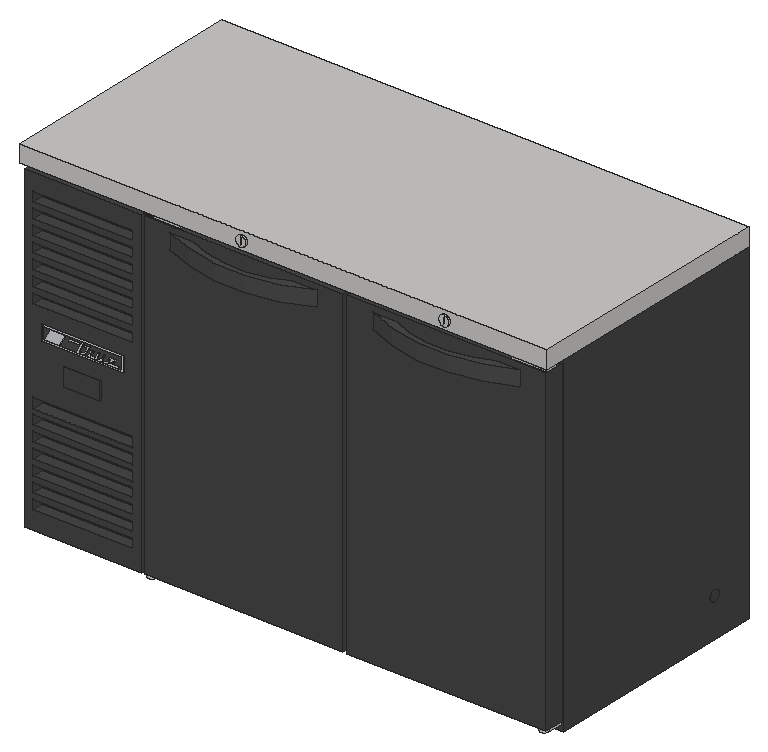
Revit family "QF_TRUE_TBR52-RISZ1-L-B-SS-1", category Specialty Equipment, Revit 2016
Family settings
  Part Type = Normal
  Round Connector Dimension = Use Diameter
  Work Plane-Based = No
  Always vertical = Yes
  Cut with Voids When Loaded = No
  Shared = No
  Room Calculation Point = No
Parameters (values of type "QF_TRUE_TBR52-RISZ1-L-B-SS-1")
  Weight in Pounds = 405
  Watts = if(Phase = 3, Volts * FL Amps * 1.73, Volts * FL Amps)  # 207 W
  Waste Water Discharge Temperature = 0 °F
  Volts = 115 V
  URL Cutsheet = ""
  Specification by User = ""
  Specification by Manufacturer = ""
  Show Logo [instance] = yes
  Show Leg Levelers [instance] = no
  Show Standard Unit [instance] = yes
  Show Seismic Flange [instance] = no
  Show 6 Inches Legs [instance] = no
  Show Clearance [instance] = no
  Show 1 Inch Rollers [instance] = no
  Show 5 Inches Castors [instance] = no
  Show 4 Inches Castors [instance] = no
  Show 3 Inches Castors [instance] = no
  Show 2 Inches Castors [instance] = no
  Serial Number = ""
  Seismic Rating = ""
  SMACNA No = ""
  Revision Code = ""
  Plumbing Remarks = ""
  Plumbing Connection Type = ""
  Phase = 1
  Number of Poles = 1
  NAFEM Spec ID Number = ""
  Model = "TBR52-RISZ1-L-B-SS-1"
  Min Ckt Ampacity = 0 A
  Max Overcurrent Protection = 0 A
  Masterspec = ""
  Manufacturer = "TRUE"
  Length = 52"
  Item Number = ""
  Installed By = ""
  Indirect Waste Size = 1"
  Indirect Waste Flow = 0 GPM
  Indirect Waste Connection Type = ""
  Indirect Waste Connection Height = 0"
  Identify Quantity as Lot = yes
  Height [instance] = if(Show Standard Unit, 34 11/16", if(Show Leg Levelers, 34 15/16", if(Show 1 Inch Rollers, 35 9/16", if(Show 2 Inches Castors, 37 9/16", if(Show 3 Inches Castors, 38 9/16", if(Show 4 Inches Castors, 39 3/4", if(Show 5 Inches Castors, 40 3/4", if(Show 6 Inches Legs, 40 11/16", if(Show Seismic Flange, 40 11/16", 34 11/16")))))))))  # 34 11/16"
  HP = "1/5"
  Furnished By = ""
  Foodservice Equipment Identifier = yes
  FL Amps = 1.8 A
  Electrical Remarks = ""
  Electric Connection Type = ""
  Elec Conn RI Height = 0"
  Elec Conn Connection Height = 0"
  Description = "REACH-IN SINGLE ZONE REFRIGERATOR WITH LEFT SIDE REFRIGERATION SYSTEM. BLACK EXTERIOR AND SOLID SWING DOORS"
  Depth = 26 3/8"
  Cycle = 60 Hz
  Conn Plug = "NEMA 5-15P"
  Conn Conduit = yes
  Cold Water Temperature Recommended = 0 °F
  Cold Water Size = 2 1/4"
  Cold Water RI Height = 0"
  Cold Water Minimum Pressure = 0.00 psi
  Cold Water Maximum Pressure = 0.00 psi
  Cold Water Flow = 0 GPM
  Cold Water Consumption = ""
  Cold Water Connection Height = 0"
  CSI MasterFormat = ""
  Apparent Power = if(Phase = 3, Volts * FL Amps * 1.73, Volts * FL Amps)  # 207 VA
Reference planes (in)
  plane 1 "BACK": y = 0
  plane 2: z = 0
  plane 3 "LEFT": x = 0
  plane 4 "RIGHT": x = 52
  plane 5 "FRONT": y = -26.375
  plane 6 "TOP": z = 0
  plane 7 "Center Y": x = 26
  plane 8 "Center X": y = -13.1875
  plane 9: y = -24.84375
  plane 10: y = -24.65625
  plane 11: y = -43.59375
  plane 12: z = 34.6875
Dimensions and locks (in)
  equal spacing: plane 3 "LEFT", plane 7 "Center Y", plane 4 "RIGHT"
  "Length": plane 3 "LEFT" to plane 4 "RIGHT"
  equal spacing: plane 5 "FRONT", plane 8 "Center X", plane 1 "BACK"
  "Depth": plane 5 "FRONT" to plane 1 "BACK"
  locked: plane 12 to plane 6 "TOP" at 34.6875
  plane 3 "LEFT" to plane 4 "RIGHT" = 52"
  plane 5 "FRONT" to plane 1 "BACK" = 26 3/8"
  plane 9 to plane 1 "BACK" = 24 27/32"
  plane 10 to plane 1 "BACK" = 24 21/32"
  plane 11 to plane 1 "BACK" = 43 19/32"
  "Height": plane 12 to level
  aligned and locked: level to plane 2
  aligned and locked: nested 5 to plane 6 "TOP"
Nested families (in)
  nested 1: "CASTORS & LEGS" at (4, -20.61228, 0), Show 2 Inches Castors <- "Show 2 Inches Castors", Show 3 Inches Castors <- "Show 3 Inches Castors", Show 4 Inches Castors <- "Show 4 Inches Castors", Show 5 Inches Castors <- "Show 5 Inches Castors", Show Legs <- "Show 6 Inches Legs", Show Legs with Flandge <- "Show Seismic Flange", Show 1 Inch Rollers <- "Show 1 Inch Rollers", Show Leg Levelers <- "Show Leg Levelers", type "CASTORS & LEGS"
    with Type Mark "", Status "", Specification by User "", Show Legs with Flandge no, Show Legs no, Show Leg Levelers no, Show 5 Inches Castors no, Show 4 Inches Castors no, Show 3 Inches Castors no, Show 2 Inches Castors no, Show 1 Inch Rollers no, Revision Code "", Item Number "", Installed By "", Identify Quantity as Lot yes, Furnished By "", Foodservice Equipment Identifier yes
  nested 2: "CASTORS & LEGS" at (48, -20.61228, 0), Show 2 Inches Castors <- "Show 2 Inches Castors", Show 3 Inches Castors <- "Show 3 Inches Castors", Show 4 Inches Castors <- "Show 4 Inches Castors", Show 5 Inches Castors <- "Show 5 Inches Castors", Show Legs <- "Show 6 Inches Legs", Show Legs with Flandge <- "Show Seismic Flange", Show 1 Inch Rollers <- "Show 1 Inch Rollers", Show Leg Levelers <- "Show Leg Levelers", type "CASTORS & LEGS"
    with Type Mark "", Status "", Specification by User "", Show Legs with Flandge no, Show Legs no, Show Leg Levelers no, Show 5 Inches Castors no, Show 4 Inches Castors no, Show 3 Inches Castors no, Show 2 Inches Castors no, Show 1 Inch Rollers no, Revision Code "", Item Number "", Installed By "", Identify Quantity as Lot yes, Furnished By "", Foodservice Equipment Identifier yes
  nested 3: "CASTORS & LEGS" at (4, -3.48728, 0), Show 2 Inches Castors <- "Show 2 Inches Castors", Show 3 Inches Castors <- "Show 3 Inches Castors", Show 4 Inches Castors <- "Show 4 Inches Castors", Show 5 Inches Castors <- "Show 5 Inches Castors", Show Legs <- "Show 6 Inches Legs", Show Legs with Flandge <- "Show Seismic Flange", Show 1 Inch Rollers <- "Show 1 Inch Rollers", Show Leg Levelers <- "Show Leg Levelers", type "CASTORS & LEGS"
    with Type Mark "", Status "", Specification by User "", Show Legs with Flandge no, Show Legs no, Show Leg Levelers no, Show 5 Inches Castors no, Show 4 Inches Castors no, Show 3 Inches Castors no, Show 2 Inches Castors no, Show 1 Inch Rollers no, Revision Code "", Item Number "", Installed By "", Identify Quantity as Lot yes, Furnished By "", Foodservice Equipment Identifier yes
  nested 4: "CASTORS & LEGS" at (48, -3.48728, 0), Show 2 Inches Castors <- "Show 2 Inches Castors", Show 3 Inches Castors <- "Show 3 Inches Castors", Show 4 Inches Castors <- "Show 4 Inches Castors", Show 5 Inches Castors <- "Show 5 Inches Castors", Show Legs <- "Show 6 Inches Legs", Show Legs with Flandge <- "Show Seismic Flange", Show 1 Inch Rollers <- "Show 1 Inch Rollers", Show Leg Levelers <- "Show Leg Levelers", type "CASTORS & LEGS"
    with Type Mark "", Status "", Specification by User "", Show Legs with Flandge no, Show Legs no, Show Leg Levelers no, Show 5 Inches Castors no, Show 4 Inches Castors no, Show 3 Inches Castors no, Show 2 Inches Castors no, Show 1 Inch Rollers no, Revision Code "", Item Number "", Installed By "", Identify Quantity as Lot yes, Furnished By "", Foodservice Equipment Identifier yes
  nested 5: "TBR52-RISZ1-L-B-SS-1" at (0, 0, 0), Show Clearance <- "Show Clearance", Show Logo <- "Show Logo", type "TBR52-RISZ1-L-B-SS-1"
    with Show Logo yes, Show Clearance no
Connectors (in)
  piping at (52.125, -4.3125, 3.96875), diameter 1
    settings: on nested 5, index 1, connector inside diameter 24", connector length 0", flow factor 0, pipe flow 0 GPM, pressure drop 0.00 psi, fitting loss kfactor 0, connector angle 0.00°, fixture units 0, engagement length 0", angle of deflection 0.00°, flow configuration 1, flow direction 1, fitting loss method 0, system type 22, joint type 0, gender type 0, connector reference index -1, connector utility 0, adjustable connector no, is connector primary yes, connector description "CONDENSATE"
  electrical at (6, 0.25, 18.5), driven by "Volts", driven by "Watts"
    settings: on nested 5, index 2, voltage 115 V, apparent load 207 VA, apparent load phase1 0 VA, apparent load phase2 0 VA, apparent load phase3 0 VA, power factor 1, load classification "Other", number of poles 1, system type 30, power factor state 1, is connector primary yes, connector utility no, sub classification motor no, connector description "ELECTRICAL CONNECTION"
  piping at (44.25, -4.34375, 0.48808), diameter 1, driven by "Indirect Waste Size"
    settings: on nested 5, index 3, connector inside diameter 24", connector length 0", flow factor 0, pipe flow 0 GPM, pressure drop 0.00 psi, fitting loss kfactor 0, connector angle 0.00°, fixture units 0, engagement length 0", angle of deflection 0.00°, flow configuration 1, flow direction 2, fitting loss method 0, system type 16, joint type 0, gender type 0, connector reference index -1, connector utility 0, adjustable connector no, is connector primary no, connector description "DRAIN"
  piping at (16.75, -4.96875, 0.48808), diameter 2.25
    settings: on nested 5, index 4, connector inside diameter 24", connector length 0", flow factor 0, pipe flow 0 GPM, pressure drop 0.00 psi, fitting loss kfactor 0, connector angle 0.00°, fixture units 0, engagement length 0", angle of deflection 0.00°, flow configuration 1, flow direction 2, fitting loss method 0, system type 16, joint type 0, gender type 0, connector reference index -1, connector utility 0, adjustable connector no, is connector primary no, connector description "FLOOR ACCESS"
Definition of nested family "TBR52-RISZ1-L-B-SS-1"
  Parameters (values of type "TBR52-RISZ1-L-B-SS-1")
    Weight in Pounds = 405
    Watts = if(Phase = 3, Volts * FL Amps * 1.73, Volts * FL Amps)  # 207 W
    Waste Water Discharge Temperature = 0 °F
    Volts = 115 V
    URL Cutsheet = ""
    Specification by User = ""
    Specification by Manufacturer = ""
    Show Logo [instance] = yes
    Show Clearance [instance] = yes
    Serial Number = ""
    Seismic Rating = ""
    SMACNA No = ""
    Revision Code = ""
    Plumbing Remarks = ""
    Plumbing Connection Type = ""
    Phase = 1
    Number of Poles = 1
    NAFEM Spec ID Number = ""
    Model = "TBR52-RISZ1-L-B-SS-1"
    Min Ckt Ampacity = 0 A
    Max Overcurrent Protection = 0 A
    Masterspec = ""
    Manufacturer = "TRUE"
    Length = 52"
    Item Number = ""
    Installed By = ""
    Indirect Waste Size = 1"
    Indirect Waste Flow = 0 GPM
    Indirect Waste Connection Type = ""
    Indirect Waste Connection Height = 0"
    Identify Quantity as Lot = yes
    Height = 34 11/16"
    HP = "1/5"
    Furnished By = ""
    Foodservice Equipment Identifier = yes
    FL Amps = 1.8 A
    Electrical Remarks = ""
    Electric Connection Type = ""
    Elec Conn RI Height = 0"
    Elec Conn Connection Height = 0"
    Description = "REACH-IN SINGLE ZONE REFRIGERATOR WITH LEFT SIDE REFRIGERATION SYSTEM. BLACK EXTERIOR AND SOLID SWING DOORS"
    Depth = 26 3/8"
    Cycle = 60 Hz
    Conn Plug = "NEMA 5-15P"
    Conn Conduit = yes
    Cold Water Temperature Recommended = 0 °F
    Cold Water Size = 2 1/4"
    Cold Water RI Height = 0"
    Cold Water Minimum Pressure = 0.00 psi
    Cold Water Maximum Pressure = 0.00 psi
    Cold Water Flow = 0 GPM
    Cold Water Consumption = ""
    Cold Water Connection Height = 0"
    CSI MasterFormat = ""
    Apparent Power = if(Phase = 3, Volts * FL Amps * 1.73, Volts * FL Amps)  # 207 VA
  Reference planes (in)
    plane 1 "BACK": y = 0
    plane 2: z = 0
    plane 3 "LEFT": x = 0
    plane 4 "RIGHT": x = 52
    plane 5 "FRONT": y = -26.375
    plane 6 "TOP": z = 34.6875
    plane 7 "Center Y": x = 26
    plane 8 "Center X": y = -13.1875
    plane 9: y = -24.84375
    plane 10: y = -24.65625
    plane 11: y = -43.59375
  Forms (in)
    Extrusion 1, solid
      sketch origin (0, 0, 0) x (0, 1, 0) y (0, 0, 1)
        loop
          line (-24.84375, 34.6875) -> (-24.84375, 32.9375) -> (0, 32.9375) -> (0, 34.6875) -> (-24.84375, 34.6875)
      from 0 to 52
    Extrusion 2, solid
      sketch origin (0, 0, 0) x (1, 0, 0) y (0, 0, 1)
        loop
          line (0, 32.9375) -> (0, 0) -> (52, 0) -> (52, 32.9375) -> (0, 32.9375)
        loop
          line (12.09375, 32.46875) -> (12.09375, 0.78125) -> (51.75, 0.78125) -> (51.75, 32.46875) -> (12.09375, 32.46875)
      from 0 to 22.75
    Extrusion 3, solid
      sketch origin (0, 0, 0) x (-1, 0, 0) y (0, 0, 1)
        loop
          line (-12.09375, 32.46875) -> (-51.75, 32.46875) -> (-51.75, 0.78125) -> (-12.09375, 0.78125) -> (-12.09375, 32.46875)
      from 0 to -2
    Extrusion 4, solid
      sketch origin (0, -22.75, 0) x (1, 0, 0) y (0, 0, 1)
        loop
          line (0.25, 0.78125) -> (11.84375, 0.78125) -> (11.84375, 32.46875) -> (0.25, 32.46875) -> (0.25, 0.78125)
        loop
          line (1.125, 30.81709) -> (1.125, 29.81709) -> (10.96875, 29.81709) -> (10.96875, 30.81709) -> (1.125, 30.81709)
        loop
          line (1.125, 29.31709) -> (1.125, 28.31709) -> (10.96875, 28.31709) -> (10.96875, 29.31709) -> (1.125, 29.31709)
        loop
          line (1.125, 27.81709) -> (1.125, 26.81709) -> (10.96875, 26.81709) -> (10.96875, 27.81709) -> (1.125, 27.81709)
        loop
          line (1.125, 26.31709) -> (1.125, 25.31709) -> (10.96875, 25.31709) -> (10.96875, 26.31709) -> (1.125, 26.31709)
        loop
          line (1.125, 24.81709) -> (1.125, 23.81709) -> (10.96875, 23.81709) -> (10.96875, 24.81709) -> (1.125, 24.81709)
        loop
          line (1.125, 21.81709) -> (1.125, 20.81709) -> (10.96875, 20.81709) -> (10.96875, 21.81709) -> (1.125, 21.81709)
        loop
          line (1.125, 23.31709) -> (1.125, 22.31709) -> (10.96875, 22.31709) -> (10.96875, 23.31709) -> (1.125, 23.31709)
        loop
          line (1.125, 12.56709) -> (1.125, 11.56709) -> (10.96875, 11.56709) -> (10.96875, 12.56709) -> (1.125, 12.56709)
        loop
          line (1.125, 11.06709) -> (1.125, 10.06709) -> (10.96875, 10.06709) -> (10.96875, 11.06709) -> (1.125, 11.06709)
        loop
          line (1.125, 9.56709) -> (1.125, 8.56709) -> (10.96875, 8.56709) -> (10.96875, 9.56709) -> (1.125, 9.56709)
        loop
          line (1.125, 8.06709) -> (1.125, 7.06709) -> (10.96875, 7.06709) -> (10.96875, 8.06709) -> (1.125, 8.06709)
        loop
          line (1.125, 6.56709) -> (1.125, 5.56709) -> (10.96875, 5.56709) -> (10.96875, 6.56709) -> (1.125, 6.56709)
        loop
          line (1.125, 3.56709) -> (1.125, 2.56709) -> (10.96875, 2.56709) -> (10.96875, 3.56709) -> (1.125, 3.56709)
        loop
          line (1.125, 5.06709) -> (1.125, 4.06709) -> (10.96875, 4.06709) -> (10.96875, 5.06709) -> (1.125, 5.06709)
      from 0.125 to 1.90625
    Extrusion 5, solid
      sketch origin (0, -22.75, 0) x (1, 0, 0) y (0, 0, 1)
        loop
          line (12.09375, 0.78125) -> (31.71875, 0.78125) -> (31.71875, 32.46875) -> (12.09375, 32.46875) -> (12.09375, 0.78125)
        loop
          line (51.75, 0.78125) -> (51.75, 32.46875) -> (32.125, 32.46875) -> (32.125, 0.78125) -> (51.75, 0.78125)
      from 0 to 1.90625
    Extrusion 6, solid
      sketch origin (0.04324, -24.65625, 0) x (1, 0, 0) y (0, 0, 1)
        loop
          line (4.20676, 16.37472) -> (4.20676, 14.62472) -> (7.80051, 14.62472) -> (7.80051, 16.37472) -> (4.20676, 16.37472)
      from 0 to 0.125
    Extrusion 7, solid
      sketch origin (6, -24.84375, 34.4375) x (0, 0, 1) y (-1, 0, 0)
        loop
          circle (-0.65572, -15.90625) r 0.5
        loop
          line (-0.32569, -15.84362) -> (-0.96744, -15.84362) -> (-0.96744, -15.98332) -> (-0.32569, -15.98332) -> (-0.32569, -15.84362)
        loop
          circle (-0.65572, -35.9375) r 0.5
        loop
          line (-0.32569, -35.87487) -> (-0.96744, -35.87487) -> (-0.96744, -36.01457) -> (-0.32569, -36.01457) -> (-0.32569, -35.87487)
      from 0 to 0.125
    Extrusion 8, solid
      sketch origin (0, -22.75, 0) x (1, 0, 0) y (0, 0, 1)
        loop
          line (1.28286, 30.81709) -> (1.28286, 29.81709) -> (11.12661, 29.81709) -> (11.12661, 30.81709) -> (1.28286, 30.81709)
        loop
          line (1.28286, 29.31709) -> (1.28286, 28.31709) -> (11.12661, 28.31709) -> (11.12661, 29.31709) -> (1.28286, 29.31709)
        loop
          line (1.28286, 27.81709) -> (1.28286, 26.81709) -> (11.12661, 26.81709) -> (11.12661, 27.81709) -> (1.28286, 27.81709)
        loop
          line (1.28286, 26.31709) -> (1.28286, 25.31709) -> (11.12661, 25.31709) -> (11.12661, 26.31709) -> (1.28286, 26.31709)
        loop
          line (1.28286, 24.81709) -> (1.28286, 23.81709) -> (11.12661, 23.81709) -> (11.12661, 24.81709) -> (1.28286, 24.81709)
        loop
          line (1.28286, 21.81709) -> (1.28286, 20.81709) -> (11.12661, 20.81709) -> (11.12661, 21.81709) -> (1.28286, 21.81709)
        loop
          line (1.28286, 23.31709) -> (1.28286, 22.31709) -> (11.12661, 22.31709) -> (11.12661, 23.31709) -> (1.28286, 23.31709)
        loop
          line (1.28286, 12.56709) -> (1.28286, 11.56709) -> (11.12661, 11.56709) -> (11.12661, 12.56709) -> (1.28286, 12.56709)
        loop
          line (1.28286, 11.06709) -> (1.28286, 10.06709) -> (11.12661, 10.06709) -> (11.12661, 11.06709) -> (1.28286, 11.06709)
        loop
          line (1.28286, 9.56709) -> (1.28286, 8.56709) -> (11.12661, 8.56709) -> (11.12661, 9.56709) -> (1.28286, 9.56709)
        loop
          line (1.28286, 8.06709) -> (1.28286, 7.06709) -> (11.12661, 7.06709) -> (11.12661, 8.06709) -> (1.28286, 8.06709)
        loop
          line (1.28286, 6.56709) -> (1.28286, 5.56709) -> (11.12661, 5.56709) -> (11.12661, 6.56709) -> (1.28286, 6.56709)
        loop
          line (1.28286, 3.56709) -> (1.28286, 2.56709) -> (11.12661, 2.56709) -> (11.12661, 3.56709) -> (1.28286, 3.56709)
        loop
          line (1.28286, 5.06709) -> (1.28286, 4.06709) -> (11.12661, 4.06709) -> (11.12661, 5.06709) -> (1.28286, 5.06709)
      from 0.125 to 0.7394
    Extrusion 9, solid
      sketch origin (38.62034, -22.77627, 32.7789) x (-1, 0, 0) y (0, -1, 0)
        loop
          line (26.54069, 1.96875) -> (25.55416, 1.96875) -> (25.58853, 0) -> (26.50632, 0) -> (26.54069, 1.96875)
        loop
          circle (26.09249, 1.43752) r 0.25
      from 0 to 0.1586
    Extrusion 10, solid
      sketch origin (11.86749, -22.16889, 0.78125) x (0, -1, 0) y (-1, 0, 0)
        loop
          line (0.60739, -1.14466) -> (2.06523, -1.11503)
          arc (2.06523, -1.11503) -> (2.48736, -0.68546) -> (2.06523, -0.25589) r 0.42963
          line (2.06523, -0.25589) -> (0.60739, -0.22626) -> (0.60739, -1.14466)
        loop
          circle (2.05773, -0.68546) r 0.25
      from 0 to 0.22057
    Extrusion 11, solid
      sketch origin (11.86749, -22.16889, 0.78125) x (0, -1, 0) y (-1, 0, 0)
        loop
          circle (2.05773, -0.68546) r 0.25
      from 0 to 0.29961
    Extrusion 12, solid
      sketch origin (38.62034, -22.16889, 32.46875) x (-1, 0, 0) y (0, -1, 0)
        loop
          line (26.52659, 1.27764) -> (26.52659, 2.32875) -> (23.06149, 2.32875) -> (23.06149, 1.27764) -> (26.52659, 1.27764)
        loop
          circle (26.09113, 1.82353) r 0.25
        loop
          circle (24.44087, 1.81192) r 0.25
        loop
          circle (23.44087, 1.81192) r 0.25
      from 0 to 0.22057
    Extrusion 13, solid
      sketch origin (38.62034, -22.16889, 32.46875) x (-1, 0, 0) y (0, -1, 0)
        loop
          circle (24.44087, 1.81192) r 0.25
        loop
          circle (23.44087, 1.81192) r 0.25
      from 0 to 0.31015
    Extrusion 14, solid
      sketch origin (11.86749, -22.16889, 0.78125) x (0, -1, 0) y (-1, 0, 0)
        loop
          line (0.60739, -1.14466) -> (2.06523, -1.11503)
          arc (2.06523, -1.11503) -> (2.48736, -0.68546) -> (2.06523, -0.25589) r 0.42963
          line (2.06523, -0.25589) -> (0.60739, -0.22626) -> (0.60739, -1.14466)
        loop
          circle (2.05773, -0.68546) r 0.25
      from 0 to 0.22057
    Extrusion 15, solid
      sketch origin (11.86749, -22.16889, 0.78125) x (0, -1, 0) y (-1, 0, 0)
        loop
          circle (2.05773, -0.68546) r 0.25
      from 0 to 0.29961
    Extrusion 16, solid
      sketch origin (38.62034, -22.16889, 32.9664) x (-1, 0, 0) y (0, -1, 0)
        loop
          circle (26.09249, 1.82353) r 0.25
      from -0.0289 to -0.27708
    Extrusion 17, solid
      sketch origin (25.22341, -22.77627, 32.7789) x (1, 0, 0) y (0, 1, 0)
        loop
          line (26.54069, -1.96875) -> (26.50632, 0) -> (25.58853, 0) -> (25.55416, -1.96875) -> (26.54069, -1.96875)
        loop
          circle (26.09249, -1.43752) r 0.25
      from 0 to 0.1586
    Extrusion 18, solid
      sketch origin (51.97626, -22.16889, 0.78125) x (0, 1, 0) y (1, 0, 0)
        loop
          line (-0.60739, -1.14466) -> (-0.60739, -0.22626) -> (-2.06523, -0.25589)
          arc (-2.06523, -0.25589) -> (-2.48736, -0.68546) -> (-2.06523, -1.11503) r 0.42963
          line (-2.06523, -1.11503) -> (-0.60739, -1.14466)
        loop
          circle (-2.05773, -0.68546) r 0.25
      from 0 to 0.22057
    Extrusion 19, solid
      sketch origin (51.97626, -22.16889, 0.78125) x (0, 1, 0) y (1, 0, 0)
        loop
          circle (-2.05773, -0.68546) r 0.25
      from 0 to 0.29961
    Extrusion 20, solid
      sketch origin (25.22341, -22.16889, 32.46875) x (1, 0, 0) y (0, 1, 0)
        loop
          line (26.52659, -1.27764) -> (23.06149, -1.27764) -> (23.06149, -2.32875) -> (26.52659, -2.32875) -> (26.52659, -1.27764)
        loop
          circle (26.09113, -1.82353) r 0.25
        loop
          circle (24.44087, -1.81192) r 0.25
        loop
          circle (23.44087, -1.81192) r 0.25
      from 0 to 0.22057
    Extrusion 21, solid
      sketch origin (25.22341, -22.16889, 32.46875) x (1, 0, 0) y (0, 1, 0)
        loop
          circle (24.44087, -1.81192) r 0.25
        loop
          circle (23.44087, -1.81192) r 0.25
      from 0 to 0.31015
    Extrusion 22, solid
      sketch origin (51.97626, -22.16889, 0.78125) x (0, 1, 0) y (1, 0, 0)
        loop
          line (-0.60739, -1.14466) -> (-0.60739, -0.22626) -> (-2.06523, -0.25589)
          arc (-2.06523, -0.25589) -> (-2.48736, -0.68546) -> (-2.06523, -1.11503) r 0.42963
          line (-2.06523, -1.11503) -> (-0.60739, -1.14466)
        loop
          circle (-2.05773, -0.68546) r 0.25
      from 0 to 0.22057
    Extrusion 23, solid
      sketch origin (51.97626, -22.16889, 0.78125) x (0, 1, 0) y (1, 0, 0)
        loop
          circle (-2.05773, -0.68546) r 0.25
      from 0 to 0.29961
    Extrusion 24, solid
      sketch origin (25.22341, -22.16889, 32.9664) x (1, 0, 0) y (0, 1, 0)
        loop
          circle (26.09249, -1.82353) r 0.25
      from -0.0289 to -0.27708
    Extrusion 25, solid
      sketch origin (32.8125, -22.75, 32.46875) x (-1, 0, 0) y (0, -1, 0)
        loop
          arc (18.16831, 1.90625) -> (10.90625, 3.65113) -> (3.64419, 1.90625) r 15.9845
          line (3.64419, 1.90625) -> (5.9146, 1.90625)
          arc (5.9146, 1.90625) -> (10.90625, 3.15287) -> (15.8979, 1.90625) r 10.61701
          line (15.8979, 1.90625) -> (18.16831, 1.90625)
        loop
          arc (-1.86294, 1.90625) -> (-9.125, 3.65113) -> (-16.38706, 1.90625) r 15.9845
          line (-16.38706, 1.90625) -> (-14.11665, 1.90625)
          arc (-14.11665, 1.90625) -> (-9.125, 3.15287) -> (-4.13335, 1.90625) r 10.61701
          line (-4.13335, 1.90625) -> (-1.86294, 1.90625)
      from -2.11784 to -0.60631
    Extrusion 26, solid
      sketch origin (52, 0, 0) x (0, -1, 0) y (0, 0, 1)
        loop
          circle (4.3125, 3.96875) r 0.5
      from 0 to -0.125
    Extrusion 27, solid
      sketch origin (0, 0, 0) x (-1, 0, 0) y (0, 0, 1)
        loop
          line (0, 0) -> (0, 19.4375) -> (-10.96875, 19.4375) -> (-10.96875, 0) -> (0, 0)
      from 0 to 0.125
    Extrusion 28, solid
      sketch origin (0, 0, 0) x (-1, 0, 0) y (0, 0, 1)
        loop
          circle (-6, 18.5) r 0.5
        loop
          circle (-6, 21.75) r 0.5
      from 0 to 0.25
    Extrusion 29, solid
      sketch origin (48, 0, 0) x (0, 1, 0) y (1, 0, 0)
        loop
          circle (-4.96875, -31.25) r 1.25
        loop
          circle (-4.34375, -3.75) r 0.5
      from 0 to -0.48808
    Extrusion 30, solid, visible <- "Show Clearance", detail levels coarse
      sketch origin (0, 0, 0) x (1, 0, 0) y (0, 1, 0)
        loop
          line (12.09375, -24.65625) -> (12.09375, -43.59375)
          arc (12.09375, -43.59375) -> (25.76963, -38.12863) -> (31.71875, -24.65625) r 19.49216
          line (31.71875, -24.65625) -> (12.09375, -24.65625)
        loop
          line (51.75, -24.65625) -> (32.125, -24.65625)
          arc (32.125, -24.65625) -> (38.07412, -38.12863) -> (51.75, -43.59375) r 19.49216
          line (51.75, -43.59375) -> (51.75, -24.65625)
      from 0.78125 to 32.46875
  Lines and regions (in)
    symbolic lines
      curve 1: line (28.74756, -34.45883, 0) -> (12.09375, -24.84375, 0)
      curve 2: arc (32.13124, -24.84375, 0) -> (32.98261, -29.8459, 0) -> (35.09619, -34.45883, 0) r 19.49216
      curve 3: arc (28.74756, -34.45883, 0) -> (30.86114, -29.8459, 0) -> (31.71251, -24.84375, 0) r 19.49216
      curve 4: arc (15.02421, -24.84375, 0) -> (21.90625, -26.40113, 0) -> (28.78829, -24.84375, 0) r 15.9845
      curve 5: arc (26.52876, -24.84375, 0) -> (21.90625, -25.90287, 0) -> (17.28374, -24.84375, 0) r 10.61701
      curve 6: arc (35.05546, -24.84375, 0) -> (41.9375, -26.40113, 0) -> (48.81954, -24.84375, 0) r 15.9845
      curve 7: arc (46.56001, -24.84375, 0) -> (41.9375, -25.90287, 0) -> (37.31499, -24.84375, 0) r 10.61701
      curve 8: line (52, 0, 0) -> (0, 0, 0)
      curve 9: line (52, -24.84375, 0) -> (52, 0, 0)
      curve 10: line (0, -24.84375, 0) -> (52, -24.84375, 0)
      curve 11: line (0, 0, 0) -> (0, -24.84375, 0)
      curve 12: line (35.09619, -34.45883, 0) -> (51.75, -24.84375, 0)
  Dimensions and locks (in)
    equal spacing: plane 3 "LEFT", plane 7 "Center Y", plane 4 "RIGHT"
    "Length": plane 3 "LEFT" to plane 4 "RIGHT"
    equal spacing: plane 5 "FRONT", plane 8 "Center X", plane 1 "BACK"
    "Depth": plane 5 "FRONT" to plane 1 "BACK"
    "Height": plane 6 "TOP" to level
    plane 3 "LEFT" to plane 4 "RIGHT" = 52"
    plane 5 "FRONT" to plane 1 "BACK" = 26 3/8"
    plane 9 to plane 1 "BACK" = 24 27/32"
    plane 10 to plane 1 "BACK" = 24 21/32"
    plane 11 to plane 1 "BACK" = 43 19/32"
    Extrusion 4 to Extrusion 4 = 11 19/32"
    Extrusion 5 to Extrusion 5 = 19 5/8"  (x2)
    Extrusion 29 sketch curve to plane 4 "RIGHT" = 7 3/4"
    Extrusion 29 sketch curve to plane 1 "BACK" = 4 11/32"
    plane 3 "LEFT" to Extrusion 29 sketch curve = 16 3/4"
    Extrusion 29 sketch curve to plane 1 "BACK" = 4 31/32"
    Extrusion 28 sketch curve to plane 3 "LEFT" = 6"
    plane 2 to Extrusion 28 sketch curve = 18 1/2"
    aligned and locked: level to plane 2
  Automatic sketch dimensions
    Extrusion 1 sketch curve to plane 9 = 0"
    Extrusion 1 sketch curve to plane 1 "BACK" = 0"
    Extrusion 1 sketch curve to plane 6 "TOP" = 0"
    Extrusion 1 sketch curve to plane 6 "TOP" = 1 3/4"
    Extrusion 2 sketch curve to level = 0"
    Extrusion 2 sketch curve to plane 3 "LEFT" = 0"
    level to Extrusion 2 sketch curve = 25/32"
    plane 3 "LEFT" to Extrusion 2 sketch curve = 12 3/32"
    plane 4 "RIGHT" to Extrusion 2 sketch curve = 1/4"
    Extrusion 2 sketch curve to Extrusion 2 sketch curve = 1/4"
    Extrusion 2 sketch curve to plane 6 "TOP" = 2 7/32"
    Extrusion 2 sketch curve to plane 6 "TOP" = 1 3/4"
    Extrusion 3 sketch curve to Extrusion 2 = 0"  (x3)
    Extrusion 2 to Extrusion 3 sketch curve = 0"
    Extrusion 4 sketch curve to Extrusion 2 = 0"  (x2)
    Extrusion 4 sketch curve to Extrusion 2 = 1/4"  (x2)
    Extrusion 4 sketch curve to Extrusion 2 = 1 1/8"  (x8)
    Extrusion 4 sketch curve to Extrusion 4 sketch curve = 0"  (x20)
    Extrusion 2 to Extrusion 4 sketch curve = 1.78584"
    Extrusion 4 sketch curve to Extrusion 4 sketch curve = 1"  (x14)
    Extrusion 4 sketch curve to Extrusion 4 sketch curve = 1/2"  (x12)
    Extrusion 4 sketch curve to Extrusion 4 sketch curve = 8 1/4"
    Extrusion 5 sketch curve to Extrusion 2 = 0"  (x5)
    Extrusion 2 to Extrusion 5 sketch curve = 0"
    Extrusion 5 sketch curve to Extrusion 5 sketch curve = 13/32"
    Extrusion 4 to Extrusion 6 sketch curve = 3 1/8"  (x2)
    Extrusion 6 sketch curve to Extrusion 4 = 2.05764"
    Extrusion 6 sketch curve to Extrusion 6 sketch curve = 1 3/4"
    Extrusion 7 sketch curve to Extrusion 1 = 0.53256"  (x2)
    Extrusion 7 sketch curve to Extrusion 7 sketch curve = 0.31172"  (x2)
    Extrusion 7 sketch curve to Extrusion 7 sketch curve = 0.33003"  (x2)
    Extrusion 1 to Extrusion 7 sketch curve = 9.98543"
    Extrusion 7 sketch curve to Extrusion 7 sketch curve = 0.07707"  (x2)
    Extrusion 7 sketch curve to Extrusion 7 sketch curve = 0.1397"  (x2)
    Extrusion 7 sketch curve to Extrusion 7 sketch curve = 19.89155"
    Extrusion 8 sketch curve to Extrusion 2 = 1.28286"  (x4)
    Extrusion 8 sketch curve to Extrusion 8 sketch curve = 0"  (x20)
    Extrusion 8 sketch curve to Extrusion 2 = 0.96714"  (x4)
    Extrusion 2 to Extrusion 8 sketch curve = 1.78584"
    Extrusion 8 sketch curve to Extrusion 8 sketch curve = 1"  (x14)
    Extrusion 8 sketch curve to Extrusion 8 sketch curve = 1/2"  (x12)
    Extrusion 8 sketch curve to Extrusion 8 sketch curve = 8 1/4"
    plane 10 to Extrusion 9 sketch curve = 0.08877"
    Extrusion 9 sketch curve to plane 7 "Center Y" = 12.93382"
    Extrusion 9 sketch curve to plane 10 = 1.87998"
    Extrusion 9 sketch curve to Extrusion 9 sketch curve = 0.03436"
    Extrusion 9 sketch curve to Extrusion 9 sketch curve = 0.53832"
    Extrusion 9 sketch curve to Extrusion 9 sketch curve = 0.91779"
    Extrusion 9 sketch curve to Extrusion 9 sketch curve = 0.4482"
    Extrusion 9 sketch curve to plane 10 = 0.44246"
    Extrusion 10 sketch curve to Extrusion 10 sketch curve = 0"  (x2)
    Extrusion 10 sketch curve to plane 10 = 1.87998"
    Extrusion 10 sketch curve to plane 10 = 0.42963"
    Extrusion 10 sketch curve to plane 10 = 0.42214"  (x2)
    plane 3 "LEFT" to Extrusion 10 sketch curve = 12 3/32"
    Extrusion 10 sketch curve to Extrusion 10 sketch curve = 0.02963"
    Extrusion 10 sketch curve to Extrusion 10 sketch curve = 0.42957"
    Extrusion 10 sketch curve to Extrusion 10 sketch curve = 0.91839"
    Extrusion 11 sketch curve to plane 10 = 0.42963"
    plane 3 "LEFT" to Extrusion 11 sketch curve = 12.55295"
    Extrusion 12 sketch curve to plane 10 = 0.15862"
    Extrusion 12 sketch curve to plane 7 "Center Y" = 10.44115"
    Extrusion 12 sketch curve to Extrusion 12 sketch curve = 0.37938"
    Extrusion 12 sketch curve to Extrusion 12 sketch curve = 1"
    Extrusion 12 sketch curve to plane 10 = 0.66383"
    Extrusion 12 sketch curve to Extrusion 12 sketch curve = 1.65026"
    Extrusion 12 sketch curve to Extrusion 12 sketch curve = 0.43546"
    Extrusion 12 sketch curve to Extrusion 12 sketch curve = 0.51683"
    Extrusion 12 sketch curve to plane 10 = 0.67545"
    Extrusion 12 sketch curve to Extrusion 12 sketch curve = 0.5459"
    Extrusion 13 sketch curve to plane 10 = 0.67545"  (x2)
    Extrusion 13 sketch curve to plane 7 "Center Y" = 10.82053"
    Extrusion 13 sketch curve to Extrusion 13 sketch curve = 1"
    Extrusion 14 sketch curve to Extrusion 14 sketch curve = 0"  (x2)
    Extrusion 14 sketch curve to plane 10 = 1.87998"
    Extrusion 14 sketch curve to plane 10 = 0.42963"
    Extrusion 14 sketch curve to plane 10 = 0.42214"  (x2)
    plane 3 "LEFT" to Extrusion 14 sketch curve = 12 3/32"
    Extrusion 14 sketch curve to Extrusion 14 sketch curve = 0.02963"
    Extrusion 14 sketch curve to Extrusion 14 sketch curve = 0.42957"
    Extrusion 14 sketch curve to Extrusion 14 sketch curve = 0.91839"
    Extrusion 15 sketch curve to plane 10 = 0.42963"
    plane 3 "LEFT" to Extrusion 15 sketch curve = 12.55295"
    Extrusion 16 sketch curve to Extrusion 16 sketch curve = 0"  (x2)
    Extrusion 16 sketch curve to plane 10 = 0.66383"
    plane 3 "LEFT" to Extrusion 16 sketch curve = 12.52785"
    Extrusion 16 sketch curve to Extrusion 16 sketch curve = 1/4"
    plane 10 to Extrusion 17 sketch curve = 0.08877"
    plane 4 "RIGHT" to Extrusion 17 sketch curve = 1.22243"
    Extrusion 17 sketch curve to plane 10 = 1.87998"
    Extrusion 17 sketch curve to Extrusion 17 sketch curve = 0.03436"
    Extrusion 17 sketch curve to Extrusion 17 sketch curve = 0.53832"
    Extrusion 17 sketch curve to Extrusion 17 sketch curve = 0.91779"
    Extrusion 17 sketch curve to Extrusion 17 sketch curve = 0.4482"
    Extrusion 17 sketch curve to plane 10 = 0.44246"
    Extrusion 18 sketch curve to Extrusion 18 sketch curve = 0"  (x2)
    Extrusion 18 sketch curve to plane 10 = 0.42214"  (x2)
    Extrusion 18 sketch curve to Extrusion 18 sketch curve = 0.0075"
    Extrusion 18 sketch curve to Extrusion 18 sketch curve = 1.45784"
    plane 4 "RIGHT" to Extrusion 18 sketch curve = 1/4"
    Extrusion 18 sketch curve to Extrusion 18 sketch curve = 0.02963"
    Extrusion 18 sketch curve to Extrusion 18 sketch curve = 0.42957"
    Extrusion 18 sketch curve to Extrusion 18 sketch curve = 0.91839"
    Extrusion 19 sketch curve to plane 10 = 0.42963"
    plane 4 "RIGHT" to Extrusion 19 sketch curve = 0.7092"
    Extrusion 20 sketch curve to plane 10 = 0.15862"
    plane 4 "RIGHT" to Extrusion 20 sketch curve = 3.7151"
    Extrusion 20 sketch curve to Extrusion 20 sketch curve = 0.37938"
    Extrusion 20 sketch curve to Extrusion 20 sketch curve = 1"
    Extrusion 20 sketch curve to plane 10 = 0.66383"
    Extrusion 20 sketch curve to Extrusion 20 sketch curve = 1.65026"
    Extrusion 20 sketch curve to Extrusion 20 sketch curve = 0.43546"
    Extrusion 20 sketch curve to plane 10 = 0.67545"
    Extrusion 20 sketch curve to Extrusion 20 sketch curve = 0.51683"
    Extrusion 20 sketch curve to Extrusion 20 sketch curve = 0.53428"
    Extrusion 21 sketch curve to plane 10 = 0.67545"  (x2)
    plane 4 "RIGHT" to Extrusion 21 sketch curve = 3.33572"
    Extrusion 21 sketch curve to Extrusion 21 sketch curve = 1"
    Extrusion 22 sketch curve to Extrusion 22 sketch curve = 0"  (x2)
    Extrusion 22 sketch curve to plane 10 = 0.42214"  (x2)
    Extrusion 22 sketch curve to Extrusion 22 sketch curve = 0.0075"
    Extrusion 22 sketch curve to Extrusion 22 sketch curve = 1.45784"
    plane 4 "RIGHT" to Extrusion 22 sketch curve = 1/4"
    Extrusion 22 sketch curve to Extrusion 22 sketch curve = 0.02963"
    Extrusion 22 sketch curve to Extrusion 22 sketch curve = 0.42957"
    Extrusion 22 sketch curve to Extrusion 22 sketch curve = 0.91839"
    Extrusion 23 sketch curve to plane 10 = 0.42963"
    plane 4 "RIGHT" to Extrusion 23 sketch curve = 0.7092"
    Extrusion 24 sketch curve to Extrusion 24 sketch curve = 0"  (x2)
    Extrusion 24 sketch curve to plane 10 = 0.66383"
    plane 4 "RIGHT" to Extrusion 24 sketch curve = 0.6841"
    Extrusion 24 sketch curve to Extrusion 24 sketch curve = 1/4"
    plane 10 to Extrusion 25 sketch curve = 0"  (x4)
    plane 4 "RIGHT" to Extrusion 25 sketch curve = 2.80044"
    plane 4 "RIGHT" to Extrusion 25 sketch curve = 5.07085"
    plane 7 "Center Y" to Extrusion 25 sketch curve = 3.16831"
    Extrusion 25 sketch curve to Extrusion 25 sketch curve = 2.2704"
    Extrusion 25 sketch curve to plane 7 "Center Y" = 4 3/32"  (x2)
    Extrusion 25 sketch curve to plane 8 "Center X" = 2.09836"  (x2)
    plane 8 "Center X" to Extrusion 25 sketch curve = 2.77087"  (x2)
    plane 4 "RIGHT" to Extrusion 25 sketch curve = 10 1/16"
    Extrusion 25 sketch curve to Extrusion 25 sketch curve = 0"
    Extrusion 27 sketch curve to level = 0"
    Extrusion 27 sketch curve to plane 3 "LEFT" = 0"
    plane 3 "LEFT" to Extrusion 27 sketch curve = 10 31/32"
    Extrusion 27 sketch curve to plane 6 "TOP" = 15 1/4"
    Extrusion 28 sketch curve to Extrusion 28 sketch curve = 0"
    Extrusion 28 sketch curve to Extrusion 28 sketch curve = 3 1/4"
    plane 1 "BACK" to Extrusion 26 sketch curve = 4 5/16"
    level to Extrusion 26 sketch curve = 3 31/32"
    plane 10 to Extrusion 30 sketch curve = 0"  (x2)
    Extrusion 30 sketch curve to plane 11 = 0"  (x2)
    plane 3 "LEFT" to Extrusion 30 sketch curve = 12 3/32"
    Extrusion 30 sketch curve to Extrusion 30 sketch curve = 0.14072"
    plane 7 "Center Y" to Extrusion 30 sketch curve = 5 23/32"
    Extrusion 30 sketch curve to Extrusion 30 sketch curve = 13/32"
    plane 4 "RIGHT" to Extrusion 30 sketch curve = 0.39072"
    plane 4 "RIGHT" to Extrusion 30 sketch curve = 1/4"
    Extrusion 2 to Extrusion 5 sketch curve = 19 5/8"
    curve 11 to plane 3 "LEFT" = 0"
    curve 1 to plane 9 = 0"
    plane 11 to curve 2 = 9.13492"
    plane 1 "BACK" to curve 8 = 0"
    curve 8 to plane 4 "RIGHT" = 0"
    curve 3 to plane 10 = 0.55415"
    curve 4 to plane 7 "Center Y" = 4 3/32"
    curve 5 to plane 7 "Center Y" = 4 3/32"
    plane 7 "Center Y" to curve 1 = 2.74756"
    plane 8 "Center X" to curve 6 = 2.77087"
    plane 4 "RIGHT" to curve 6 = 10 1/16"
    curve 7 to plane 8 "Center X" = 2.09836"
    curve 7 to curve 6 = 0"
    plane 4 "RIGHT" to curve 2 = 0.39072"
    plane 5 "FRONT" to curve 1 = 8.08383"
    curve 2 to plane 10 = 0.55415"
    curve 5 to plane 8 "Center X" = 2.09836"
    plane 8 "Center X" to curve 4 = 2.77087"
    curve 1 to curve 3 = 0.14072"
    curve 3 to curve 4 = 2.78974"
    curve 4 to curve 5 = 2.25953"
    plane 7 "Center Y" to curve 12 = 9.09619"
    curve 3 to curve 2 = 0.41872"
    curve 2 to curve 6 = 2.92422"
    curve 6 to curve 7 = 2.25953"
    plane 4 "RIGHT" to curve 12 = 1/4"
    radius of Extrusion 7 sketch curve = 1/2"  (x2)
    radius of Extrusion 9 sketch curve = 1/4"
    radius of Extrusion 10 sketch curve = 1/4"
    radius of Extrusion 11 sketch curve = 1/4"
    radius of Extrusion 12 sketch curve = 1/4"  (x3)
    radius of Extrusion 13 sketch curve = 1/4"  (x2)
    radius of Extrusion 14 sketch curve = 1/4"
    radius of Extrusion 15 sketch curve = 1/4"
    radius of Extrusion 17 sketch curve = 1/4"
    radius of Extrusion 18 sketch curve = 1/4"
    radius of Extrusion 19 sketch curve = 1/4"
    radius of Extrusion 20 sketch curve = 1/4"  (x3)
    radius of Extrusion 21 sketch curve = 1/4"  (x2)
    radius of Extrusion 22 sketch curve = 1/4"
    radius of Extrusion 23 sketch curve = 1/4"
    radius of Extrusion 28 sketch curve = 1/2"  (x2)
    radius of Extrusion 26 sketch curve = 1/2"
    radius of Extrusion 29 sketch curve = 1 1/4"
    radius of Extrusion 29 sketch curve = 1/2"
  Nested families (in)
    nested 1: "QF_LOGO_TRUE" at (1.99687, -24.65625, 17.85445), visible <- "Show Logo", Show Logo <- "Show Logo", type "QF_LOGO_TRUE", detail levels medium+fine
      with Show Logo yes
  Connectors (in)
    electrical at (6, 0.25, 18.5), driven by "Volts", driven by "Watts"
      settings: on Extrusion 28, index 1, voltage 115 V, apparent load 207 VA, apparent load phase1 0 VA, apparent load phase2 0 VA, apparent load phase3 0 VA, power factor 1, load classification none, number of poles 1, system type 30, power factor state 1, is connector primary yes, connector utility no, sub classification motor no, connector description "ELECTRICAL CONNECTION"
    piping at (52.125, -4.3125, 3.96875), diameter 1
      settings: on Extrusion 26, index 2, connector inside diameter 24", connector length 0", flow factor 0, pipe flow 0 GPM, pressure drop 0.00 psi, fitting loss kfactor 0, connector angle 0.00°, fixture units 0, engagement length 0", angle of deflection 0.00°, flow configuration 1, flow direction 1, fitting loss method 0, system type 22, joint type 0, gender type 0, connector reference index -1, connector utility 0, adjustable connector no, is connector primary yes, connector description "CONDENSATE"
    piping at (44.25, -4.34375, 0.48808), diameter 1
      settings: on Extrusion 29, index 3, connector inside diameter 24", connector length 0", flow factor 0, pipe flow 0 GPM, pressure drop 0.00 psi, fitting loss kfactor 0, connector angle 0.00°, fixture units 0, engagement length 0", angle of deflection 0.00°, flow configuration 1, flow direction 1, fitting loss method 0, system type 16, joint type 0, gender type 0, connector reference index -1, connector utility 0, adjustable connector no, is connector primary no, connector description "DRAIN"
    piping at (16.75, -4.96875, 0.48808), diameter 2.25
      settings: on Extrusion 29, index 4, connector inside diameter 24", connector length 0", flow factor 0, pipe flow 0 GPM, pressure drop 0.00 psi, fitting loss kfactor 0, connector angle 0.00°, fixture units 0, engagement length 0", angle of deflection 0.00°, flow configuration 1, flow direction 1, fitting loss method 0, system type 20, joint type 0, gender type 0, connector reference index -1, connector utility 0, adjustable connector no, is connector primary no, connector description "COLD WATER CONNECTION"
  Definition of nested family "QF_LOGO_TRUE"
    Parameters (values of type "QF_LOGO_TRUE")
      Show Logo [instance] = yes
    Reference planes (in)
      plane 1 "Center (Front/Back)": y = 0
      plane 2: z = 0
      plane 3 "Center (Left/Right)": x = 0
    Forms (in)
      Extrusion 1, solid, visible <- "Show Logo"
        sketch origin (-78.34647, 34.76905, -30.51001) x (1, 0, 0) y (0, 0, 1)
          loop
            line (81.15226, 31.65456) -> (81.07353, 31.48573) -> (82.12083, 31.48573)
            arc (82.12083, 31.48573) -> (82.14208, 31.44814) -> (82.12083, 31.41055) r 0.04386
            line (82.12083, 31.41055) -> (81.84767, 30.82478)
            arc (81.84767, 30.82478) -> (81.84531, 30.77052) -> (81.882, 30.73048) r 0.07096
            line (81.882, 30.73048) -> (82.55165, 30.73048)
            arc (82.55165, 30.73048) -> (82.63621, 30.75714) -> (82.69019, 30.82748) r 0.14742
            line (82.69019, 30.82748) -> (82.90515, 31.28847) -> (83.10265, 31.28847)
            arc (83.10265, 31.28847) -> (83.15447, 31.26942) -> (83.14697, 31.21472) r 0.04405
            line (83.14697, 31.21472) -> (82.9671, 30.82899)
            arc (82.9671, 30.82899) -> (82.9699, 30.76493) -> (83.02398, 30.73048) r 0.06943
            line (83.02398, 30.73048) -> (83.6124, 30.73048)
            arc (83.6124, 30.73048) -> (83.65748, 30.74689) -> (83.68147, 30.78844) r 0.07014
            arc (83.68147, 30.78844) -> (83.69845, 30.74745) -> (83.73943, 30.73048) r 0.05796
            line (83.73943, 30.73048) -> (84.112, 30.73048)
            arc (84.112, 30.73048) -> (84.15504, 30.74201) -> (84.18655, 30.77352) r 0.08608
            arc (84.18655, 30.77352) -> (84.20164, 30.7371) -> (84.23806, 30.72202) r 0.0515
            line (84.23806, 30.72202) -> (84.76757, 30.72202)
            arc (84.76757, 30.72202) -> (84.81086, 30.73995) -> (84.8288, 30.78324) r 0.06122
            arc (84.8288, 30.78324) -> (84.86848, 30.74355) -> (84.92269, 30.72903) r 0.10842
            line (84.92269, 30.72903) -> (85.91461, 30.72903) -> (86.02479, 30.91987) -> (85.0243, 30.91987)
            arc (85.0243, 30.91987) -> (84.99669, 30.93902) -> (84.99566, 30.97261) r 0.03732
            line (84.99566, 30.97261) -> (85.01297, 31.00972)
            arc (85.01297, 31.00972) -> (85.03954, 31.04453) -> (85.0813, 31.05774) r 0.07263
            line (85.0813, 31.05774) -> (85.40289, 31.05774)
            arc (85.40289, 31.05774) -> (85.4723, 31.07633) -> (85.52311, 31.12715) r 0.13882
            line (85.52311, 31.12715) -> (85.61625, 31.28847)
            arc (85.61625, 31.28847) -> (85.61625, 31.37458) -> (85.54168, 31.41763) r 0.08611
            line (85.54168, 31.41763) -> (85.20227, 31.41763)
            arc (85.20227, 31.41763) -> (85.11574, 31.40294) -> (85.05538, 31.33923) r 0.13863
            line (85.05538, 31.33923) -> (84.89409, 30.99333)
            arc (84.89409, 30.99333) -> (84.84649, 30.9313) -> (84.77191, 30.90778) r 0.13002
            line (84.77191, 30.90778) -> (84.41984, 30.90778)
            arc (84.41984, 30.90778) -> (84.3777, 30.95378) -> (84.38042, 31.0161) r 0.08151
            line (84.38042, 31.0161) -> (84.56766, 31.41763) -> (84.44849, 31.41763) -> (84.25012, 30.99222)
            arc (84.25012, 30.99222) -> (84.21158, 30.94199) -> (84.15119, 30.92296) r 0.10527
            line (84.15119, 30.92296) -> (83.90842, 30.92296)
            arc (83.90842, 30.92296) -> (83.8674, 30.97642) -> (83.87619, 31.04323) r 0.08805
            line (83.87619, 31.04323) -> (84.05078, 31.41763) -> (83.92772, 31.41763) -> (83.72676, 30.98668)
            arc (83.72676, 30.98668) -> (83.68011, 30.94003) -> (83.61639, 30.92296) r 0.12745
            line (83.61639, 30.92296) -> (83.26484, 30.92296)
            arc (83.26484, 30.92296) -> (83.2017, 30.9524) -> (83.19563, 31.0218) r 0.06967
            line (83.19563, 31.0218) -> (83.31118, 31.26961) -> (83.47452, 31.26961)
            arc (83.47452, 31.26961) -> (83.50209, 31.35268) -> (83.56075, 31.41763) r 0.21289
            line (83.56075, 31.41763) -> (82.92244, 31.41763)
            arc (82.92244, 31.41763) -> (82.85151, 31.40191) -> (82.80242, 31.34834) r 0.12081
            line (82.80242, 31.34834) -> (82.6294, 30.9773)
            arc (82.6294, 30.9773) -> (82.58962, 30.93752) -> (82.53528, 30.92296) r 0.10869
            line (82.53528, 30.92296) -> (82.1542, 30.92296)
            arc (82.1542, 30.92296) -> (82.12446, 30.96315) -> (82.13012, 31.01283) r 0.06822
            line (82.13012, 31.01283) -> (82.38156, 31.48573) -> (83.01596, 31.48573) -> (83.09469, 31.65456) -> (82.46029, 31.65456) -> (82.53902, 31.8234) -> (82.31334, 31.8234) -> (82.23461, 31.65456) -> (81.15226, 31.65456)
          loop
            arc (85.15937, 31.26434) -> (85.13191, 31.25698) -> (85.1118, 31.23688) r 0.05494
            line (85.1118, 31.23688) -> (85.09547, 31.18665)
            arc (85.09547, 31.18665) -> (85.10304, 31.16837) -> (85.12133, 31.16079) r 0.02586
            line (85.12133, 31.16079) -> (85.39889, 31.16079)
            arc (85.39889, 31.16079) -> (85.41888, 31.16523) -> (85.43513, 31.1777) r 0.04731
            line (85.43513, 31.1777) -> (85.44863, 31.2402)
            arc (85.44863, 31.2402) -> (85.44466, 31.25693) -> (85.42914, 31.26434) r 0.01994
            line (85.42914, 31.26434) -> (85.15937, 31.26434)
          loop
            line (78.62961, 30.74125) -> (80.12032, 30.74125) -> (80.73891, 31.81268) -> (79.2482, 31.81268) -> (78.62961, 30.74125)
        from 34.76797 to 34.83173
      Extrusion 2, solid, visible <- "Show Logo"
        sketch origin (-142.84857, 34.75108, -33.3546) x (1, 0, 0) y (0, 0, 1)
          loop
            line (150.81107, 34.71978) -> (142.98607, 34.71978) -> (142.98607, 33.4921) -> (150.81107, 33.4921) -> (150.81107, 34.71978)
        from 34.75108 to 34.78125
      Extrusion 3, solid, visible <- "Show Logo"
        sketch origin (-142.84857, 34.75108, -33.3546) x (1, 0, 0) y (0, 0, 1)
          loop
            line (150.94857, 34.85727) -> (142.84857, 34.85727) -> (142.84857, 33.3546) -> (150.94857, 33.3546) -> (150.94857, 34.85727)
          loop
            line (142.98607, 34.71978) -> (142.98607, 33.4921) -> (150.81107, 33.4921) -> (150.81107, 34.71978) -> (142.98607, 34.71978)
        from 34.75108 to 34.81376
      Extrusion 4, solid, not visible
        sketch origin (121.45701, -16.5, 4.98235) x (1, 0, 0) y (0, 0, 1)
          loop
            line (25.20115, 35.89949) -> (25.20115, 33.96647) -> (30.95381, 33.96647) -> (30.95381, 35.89949) -> (25.20115, 35.89949)
        from 31.5 to 31.54261
      Extrusion 5, solid, not visible
        sketch origin (121.45701, -16.5, 4.98235) x (1, 0, 0) y (0, 0, 1)
          loop
            line (26.7387, 34.95472) -> (26.61492, 34.49276) -> (27.038, 34.49276)
            arc (27.038, 34.49276) -> (27.13117, 34.52484) -> (27.18485, 34.60749) r 0.15134
            arc (27.18485, 34.60749) -> (27.20396, 34.68138) -> (27.22435, 34.75493) r 4.37326
            arc (27.22435, 34.75493) -> (27.23458, 34.81765) -> (27.22435, 34.88037) r 0.1974
            arc (27.22435, 34.88037) -> (27.18247, 34.93579) -> (27.11563, 34.95472) r 0.10914
            line (27.11563, 34.95472) -> (26.7387, 34.95472)
          loop
            line (26.90201, 34.80638) -> (26.84645, 34.59903) -> (26.92855, 34.59903)
            arc (26.92855, 34.59903) -> (26.98205, 34.6185) -> (27.01051, 34.6678) r 0.08322
            line (27.01051, 34.6678) -> (27.02399, 34.74424)
            arc (27.02399, 34.74424) -> (27.01491, 34.78454) -> (26.97985, 34.80638) r 0.05353
            line (26.97985, 34.80638) -> (26.90201, 34.80638)
          loop
            line (27.45336, 34.66131) -> (27.76233, 34.66131) -> (27.78859, 34.73909)
            arc (27.78859, 34.73909) -> (27.7878, 34.82039) -> (27.73107, 34.87864) r 0.10925
            arc (27.73107, 34.87864) -> (27.68233, 34.8944) -> (27.63139, 34.89974) r 0.24595
            line (27.63139, 34.89974) -> (27.46708, 34.89974)
            arc (27.46708, 34.89974) -> (27.4068, 34.88073) -> (27.3535, 34.84677) r 0.2421
            arc (27.3535, 34.84677) -> (27.2897, 34.76363) -> (27.26702, 34.66131) r 0.2421
            line (27.26702, 34.66131) -> (27.26702, 34.54477)
            arc (27.26702, 34.54477) -> (27.31618, 34.4956) -> (27.38334, 34.47761) r 0.13431
            line (27.38334, 34.47761) -> (27.59054, 34.47761)
            arc (27.59054, 34.47761) -> (27.63459, 34.48281) -> (27.67622, 34.49812) r 0.18924
            line (27.67622, 34.49812) -> (27.73102, 34.61563)
            arc (27.73102, 34.61563) -> (27.68453, 34.59565) -> (27.63566, 34.58252) r 0.35376
            arc (27.63566, 34.58252) -> (27.55885, 34.56956) -> (27.48204, 34.58252) r 0.23415
            arc (27.48204, 34.58252) -> (27.44492, 34.61362) -> (27.45336, 34.66131) r 0.04838
          loop
            line (27.4842, 34.73042) -> (27.62012, 34.73042) -> (27.62621, 34.76496)
            arc (27.62621, 34.76496) -> (27.58961, 34.80242) -> (27.53739, 34.80638) r 0.0742
            arc (27.53739, 34.80638) -> (27.49747, 34.77773) -> (27.4842, 34.73042) r 0.0742
          loop
            line (27.91616, 34.97572) -> (27.78675, 34.49276) -> (27.98645, 34.49276) -> (28.11586, 34.97572) -> (27.91616, 34.97572)
          loop
            line (28.13678, 34.66131) -> (28.08755, 34.47761) -> (28.27134, 34.47761) -> (28.32056, 34.66131) -> (28.43674, 34.66131) -> (28.47974, 34.78864) -> (28.36519, 34.78864)
            arc (28.36519, 34.78864) -> (28.35733, 34.81649) -> (28.36921, 34.84288) r 0.04231
            arc (28.36921, 34.84288) -> (28.431, 34.8652) -> (28.49617, 34.85686) r 0.13988
            line (28.49617, 34.85686) -> (28.53544, 34.97317)
            arc (28.53544, 34.97317) -> (28.39725, 34.99096) -> (28.25905, 34.97317) r 0.54546
            arc (28.25905, 34.97317) -> (28.20849, 34.91994) -> (28.18197, 34.85147) r 0.1894
            line (28.18197, 34.85147) -> (28.17089, 34.78864) -> (28.11397, 34.78864) -> (28.07985, 34.66131) -> (28.13678, 34.66131)
          loop
            arc (28.74846, 34.89756) -> (28.65884, 34.88533) -> (28.56922, 34.89756) r 0.33455
            line (28.56922, 34.89756) -> (28.45669, 34.47761) -> (28.63593, 34.47761) -> (28.74846, 34.89756)
          loop
            arc (28.60398, 35.01195) -> (28.57699, 34.97173) -> (28.60398, 34.9315) r 0.04347
            line (28.60398, 34.9315) -> (28.75755, 34.9315)
            arc (28.75755, 34.9315) -> (28.78645, 34.96687) -> (28.77911, 35.01195) r 0.0556
            line (28.77911, 35.01195) -> (28.60398, 35.01195)
          loop
            line (28.95336, 34.66131) -> (29.26233, 34.66131) -> (29.28859, 34.73909)
            arc (29.28859, 34.73909) -> (29.2878, 34.82039) -> (29.23107, 34.87864) r 0.10925
            arc (29.23107, 34.87864) -> (29.18233, 34.8944) -> (29.13139, 34.89974) r 0.24595
            line (29.13139, 34.89974) -> (28.96708, 34.89974)
            arc (28.96708, 34.89974) -> (28.9068, 34.88073) -> (28.8535, 34.84677) r 0.2421
            arc (28.8535, 34.84677) -> (28.7897, 34.76363) -> (28.76702, 34.66131) r 0.2421
            line (28.76702, 34.66131) -> (28.76702, 34.54477)
            arc (28.76702, 34.54477) -> (28.81618, 34.4956) -> (28.88334, 34.47761) r 0.13431
            line (28.88334, 34.47761) -> (29.09054, 34.47761)
            arc (29.09054, 34.47761) -> (29.13459, 34.48281) -> (29.17622, 34.49812) r 0.18924
            line (29.17622, 34.49812) -> (29.23102, 34.61563)
            arc (29.23102, 34.61563) -> (29.18453, 34.59565) -> (29.13566, 34.58252) r 0.35376
            arc (29.13566, 34.58252) -> (29.05885, 34.56956) -> (28.98204, 34.58252) r 0.23415
            arc (28.98204, 34.58252) -> (28.94492, 34.61362) -> (28.95336, 34.66131) r 0.04838
          loop
            line (28.9842, 34.73042) -> (29.12012, 34.73042) -> (29.12621, 34.76496)
            arc (29.12621, 34.76496) -> (29.08961, 34.80242) -> (29.03739, 34.80638) r 0.0742
            arc (29.03739, 34.80638) -> (28.99747, 34.77773) -> (28.9842, 34.73042) r 0.0742
          loop
            line (29.41616, 34.97572) -> (29.28675, 34.49276) -> (29.48645, 34.49276) -> (29.61586, 34.97572) -> (29.41616, 34.97572)
          loop
            line (29.99836, 34.97572) -> (29.95192, 34.80242)
            arc (29.95192, 34.80242) -> (29.94473, 34.85705) -> (29.90102, 34.89059) r 0.07199
            arc (29.90102, 34.89059) -> (29.80023, 34.89941) -> (29.70251, 34.87322) r 0.29131
            arc (29.70251, 34.87322) -> (29.61806, 34.7652) -> (29.5896, 34.63108) r 0.30433
            line (29.5896, 34.63108) -> (29.5896, 34.55572)
            arc (29.5896, 34.55572) -> (29.61075, 34.50463) -> (29.66184, 34.48348) r 0.07224
            line (29.66184, 34.48348) -> (29.78537, 34.48348)
            arc (29.78537, 34.48348) -> (29.83854, 34.51313) -> (29.88504, 34.55243) r 0.31609
            line (29.88504, 34.55243) -> (29.86905, 34.49276) -> (30.05973, 34.49276) -> (30.18914, 34.97572) -> (29.99836, 34.97572)
          loop
            arc (29.84537, 34.75931) -> (29.79424, 34.71128) -> (29.77745, 34.64317) r 0.12371
            arc (29.77745, 34.64317) -> (29.80071, 34.59901) -> (29.85056, 34.59647) r 0.05045
            arc (29.85056, 34.59647) -> (29.90141, 34.64047) -> (29.92536, 34.7033) r 0.13769
            arc (29.92536, 34.7033) -> (29.90211, 34.75521) -> (29.84537, 34.75931) r 0.05543
          loop
            line (26.45047, 35.26762) -> (26.58211, 35.26762)
            arc (26.58211, 35.26762) -> (26.60467, 35.30821) -> (26.62126, 35.35157) r 0.3277
            arc (26.62126, 35.35157) -> (26.62714, 35.39992) -> (26.60877, 35.44503) r 0.09693
            arc (26.60877, 35.44503) -> (26.56454, 35.48868) -> (26.50462, 35.50516) r 0.12312
            arc (26.50462, 35.50516) -> (26.44158, 35.50565) -> (26.37854, 35.50546) r 5.76967
            arc (26.37854, 35.50546) -> (26.07462, 35.42923) -> (25.81045, 35.26076) r 0.97743
            line (25.81045, 35.26076) -> (25.85921, 35.26076)
            arc (25.85921, 35.26076) -> (26.08494, 35.39361) -> (26.3396, 35.45485) r 0.88817
            arc (26.3396, 35.45485) -> (26.41429, 35.44188) -> (26.47267, 35.39352) r 0.14748
            arc (26.47267, 35.39352) -> (26.48041, 35.32725) -> (26.45047, 35.26762) r 0.11636
          loop
            arc (26.35412, 35.17841) -> (26.19578, 35.0555) -> (26.00982, 34.98069) r 0.72453
            arc (26.00982, 34.98069) -> (25.9036, 34.95581) -> (25.79459, 34.9604) r 0.40201
            arc (25.79459, 34.9604) -> (25.7275, 34.98819) -> (25.69972, 35.05528) r 0.09488
            arc (25.69972, 35.05528) -> (25.71867, 35.12629) -> (25.77049, 35.17841) r 0.1425
            line (25.77049, 35.17841) -> (25.73665, 35.18748)
            arc (25.73665, 35.18748) -> (25.67632, 35.09876) -> (25.66924, 34.99171) r 0.20432
            arc (25.66924, 34.99171) -> (25.71443, 34.9227) -> (25.79473, 34.90384) r 0.11116
            arc (25.79473, 34.90384) -> (25.91172, 34.89904) -> (26.02716, 34.91862) r 0.56145
            arc (26.02716, 34.91862) -> (26.27675, 35.021) -> (26.49584, 35.17841) r 1.15683
            line (26.49584, 35.17841) -> (26.35412, 35.17841)
        from 31.54261 to 31.56272
    Dimensions and locks (in)
      aligned and locked: level to plane 2
      aligned and locked: Extrusion 2 to Extrusion 3  (x2)
      aligned and locked: Extrusion 2 sketch curve to Extrusion 3
Definition of nested family "CASTORS & LEGS"
  Parameters (values of type "CASTORS & LEGS")
    Weight = ""
    URL Manufacturer = ""
    URL Cutsheet = ""
    URL = ""
    Type Mark [instance] = ""
    Status [instance] = ""
    Specification by User [instance] = ""
    Specification by Manufacturer = ""
    Show Legs with Flandge [instance] = yes
    Show Legs [instance] = yes
    Show Leg Levelers [instance] = yes
    Show 1 Inch Rollers [instance] = yes
    Show 5 Inches Castors [instance] = yes
    Show 4 Inches Castors [instance] = yes
    Show 3 Inches Castors [instance] = yes
    Show 2 Inches Castors [instance] = yes
    Serial Number = ""
    Seismic Rating = ""
    SMACNA No = ""
    Revision Code [instance] = ""
    Omniclass Number and Title = ""
    NAFEM Spec ID Number = ""
    Model = ""
    MasterSpec. = ""
    Manufacturer = ""
    Item Number [instance] = ""
    Installed By [instance] = ""
    Identify Quantity as Lot [instance] = yes
    Furnished By [instance] = ""
    Foodservice Equipment Identifier [instance] = yes
    Description = ""
    CSI MasterFormat = ""
    CSI Master Format = ""
    Assembly Code = ""
  Reference planes (in)
    plane 1: z = 0
    plane 2 "RIGHT": x = 0
    plane 3 "FRONT": y = 0
    plane 4 "TOP": z = 4
    plane 5: z = 5.75
    plane 6: z = 6
    plane 7: z = 0.875
  Forms (in)
    Revolve 1, solid, visible <- "Show Legs"
      sketch origin (11.12172, 0, 0) x (-1, 0, 0) y (0, 0, -1)
        loop
          line (11.12172, -6) -> (11.12172, 0) -> (10.62172, 0) -> (10.62172, -0.5) -> (10.37172, -0.5) -> (10.37172, -6) -> (11.12172, -6)
        axis (11.12172, 0) -> (11.12172, -6)
      angle from 0 to 360
